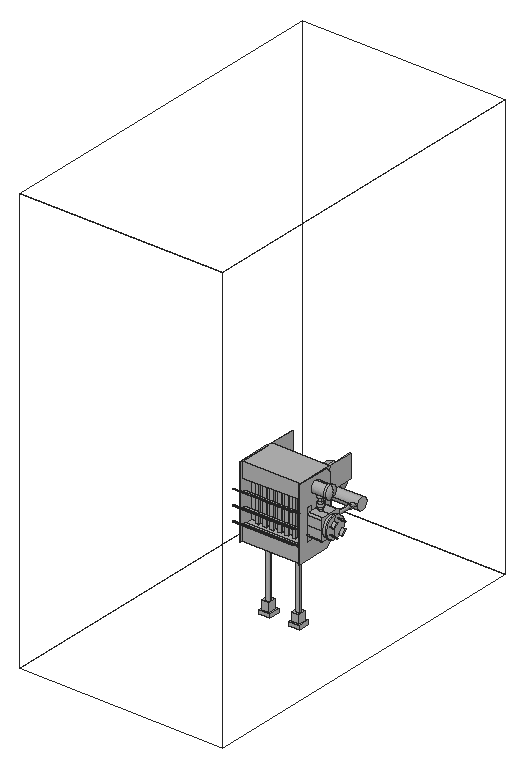
Revit family "Heater-QMARK-GUX_Series-Explosion_Proof_Unit_Gen2.txt", category Mechanical Equipment, host Face, Revit 2020 (continued)
Types (67): name | Watts | Voltage | Total Heating Capacity | Shipping Weight | Phase | Motor RPM | Motor HP | Model | MW Height | MH Height | Length | Height | Frequency | Frame Size 3 | Frame Size 2 | Fan Blade Diameter | Depth | Classification | Amps | Air Flow - Throw | Actual Supply Air Flow
  GUX-233-FB-0136G | 12500 W | 380 V | 42650.0 Btu/h | "169 lbs" | 3 | "1438 RPM" | 0.25 | "GUX-233-FB-0136G" | 0' - 7" | 1' - 3 1/16" | 1' - 9 3/4" | 1' - 11 3/8" | 50 Hz | no | yes | 1' - 4" | 1' - 8 3/16" | "114 Hz Models/Class I, Divisions 1 and 2, Groups C & D/Class II, Divisions 1 and 2, Groups E, F & G/Class I, Zones 1 and 2, Group II" | 21 A | 3' - 3" | 1500 CFM
  GUX-233-FB-0136H | 12500 W | 400 V | 42650.0 Btu/h | "169 lbs" | 3 | "1438 RPM" | 0.25 | "GUX-233-FB-0136H" | 0' - 7" | 1' - 3 1/16" | 1' - 9 3/4" | 1' - 11 3/8" | 50 Hz | no | yes | 1' - 4" | 1' - 8 3/16" | "115 Hz Models/Class I, Divisions 1 and 2, Groups C & D/Class II, Divisions 1 and 2, Groups E, F & G/Class I, Zones 1 and 2, Group II" | 19 A | 3' - 3" | 1500 CFM
  GUX-233-FB-0136I | 12500 W | 415 V | 42650.0 Btu/h | "169 lbs" | 3 | "1438 RPM" | 0.25 | "GUX-233-FB-0136I" | 0' - 7" | 1' - 3 1/16" | 1' - 9 3/4" | 1' - 11 3/8" | 50 Hz | no | yes | 1' - 4" | 1' - 8 3/16" | "116 Hz Models/Class I, Divisions 1 and 2, Groups C & D/Class II, Divisions 1 and 2, Groups E, F & G/Class I, Zones 1 and 2, Group II" | 18 A | 3' - 3" | 1500 CFM
  GUX-233-FB-0176F | 16700 W | 220 V | 56982.0 Btu/h | "169 lbs" | 3 | "1438 RPM" | 0.25 | "GUX-233-FB-0176F" | 0' - 7" | 1' - 3 1/16" | 1' - 9 3/4" | 1' - 11 3/8" | 50 Hz | no | yes | 1' - 4" | 1' - 8 3/16" | "117 Hz Models/Class I, Divisions 1 and 2, Groups C & D/Class II, Divisions 1 and 2, Groups E, F & G/Class I, Zones 1 and 2, Group II" | 46 A | 3' - 3" | 1500 CFM
  GUX-233-FB-0176G | 16700 W | 380 V | 56982.0 Btu/h | "169 lbs" | 3 | "1438 RPM" | 0.25 | "GUX-233-FB-0176G" | 0' - 7" | 1' - 3 1/16" | 1' - 9 3/4" | 1' - 11 3/8" | 50 Hz | no | yes | 1' - 4" | 1' - 8 3/16" | "118 Hz Models/Class I, Divisions 1 and 2, Groups C & D/Class II, Divisions 1 and 2, Groups E, F & G/Class I, Zones 1 and 2, Group II" | 28 A | 3' - 3" | 1500 CFM
  GUX-233-FB-0176H | 16700 W | 400 V | 56982.0 Btu/h | "169 lbs" | 3 | "1438 RPM" | 0.25 | "GUX-233-FB-0176H" | 0' - 7" | 1' - 3 1/16" | 1' - 9 3/4" | 1' - 11 3/8" | 50 Hz | no | yes | 1' - 4" | 1' - 8 3/16" | "119 Hz Models/Class I, Divisions 1 and 2, Groups C & D/Class II, Divisions 1 and 2, Groups E, F & G/Class I, Zones 1 and 2, Group II" | 25 A | 3' - 3" | 1500 CFM
  GUX-233-FB-0176I | 16700 W | 315 V | 56982.0 Btu/h | "169 lbs" | 3 | "1438 RPM" | 0.25 | "GUX-233-FB-0176I" | 0' - 7" | 1' - 3 1/16" | 1' - 9 3/4" | 1' - 11 3/8" | 50 Hz | no | yes | 1' - 4" | 1' - 8 3/16" | "120 Hz Models/Class I, Divisions 1 and 2, Groups C & D/Class II, Divisions 1 and 2, Groups E, F & G/Class I, Zones 1 and 2, Group II" | 24 A | 3' - 3" | 1500 CFM
  GUX-233-FC-0216G | 21000 W | 380 V | 71654.0 Btu/h | "216 lbs" | 3 | "1438 RPM" | 0.5 | "GUX-233-FC-0216G" | 0' - 5" | 1' - 7 1/16" | 1' - 10 3/4" | 2' - 3 3/8" | 50 Hz | yes | no | 1' - 8" | 2' - 0 3/16" | "121 Hz Models/Class I, Divisions 1 and 2, Groups C & D/Class II, Divisions 1 and 2, Groups E, F & G/Class I, Zones 1 and 2, Group II" | 33 A | 4' - 9" | 2600 CFM
  GUX-233-FC-0216H | 21000 W | 400 V | 71654.0 Btu/h | "216 lbs" | 3 | "1438 RPM" | 0.5 | "GUX-233-FC-0216H" | 0' - 5" | 1' - 7 1/16" | 1' - 10 3/4" | 2' - 3 3/8" | 50 Hz | yes | no | 1' - 8" | 2' - 0 3/16" | "122 Hz Models/Class I, Divisions 1 and 2, Groups C & D/Class II, Divisions 1 and 2, Groups E, F & G/Class I, Zones 1 and 2, Group II" | 32 A | 4' - 9" | 2600 CFM
  GUX-233-FC-0216I | 21000 W | 415 V | 71654.0 Btu/h | "216 lbs" | 3 | "1438 RPM" | 0.5 | "GUX-233-FC-0216I" | 0' - 5" | 1' - 7 1/16" | 1' - 10 3/4" | 2' - 3 3/8" | 50 Hz | yes | no | 1' - 8" | 2' - 0 3/16" | "123 Hz Models/Class I, Divisions 1 and 2, Groups C & D/Class II, Divisions 1 and 2, Groups E, F & G/Class I, Zones 1 and 2, Group II" | 31 A | 4' - 9" | 2600 CFM
  GUX-233-FC-0256G | 25000 W | 380 V | 85303.0 Btu/h | "216 lbs" | 3 | "1438 RPM" | 0.5 | "GUX-233-FC-0256G" | 0' - 5" | 1' - 7 1/16" | 1' - 10 3/4" | 2' - 3 3/8" | 50 Hz | yes | no | 1' - 8" | 2' - 0 3/16" | "124 Hz Models/Class I, Divisions 1 and 2, Groups C & D/Class II, Divisions 1 and 2, Groups E, F & G/Class I, Zones 1 and 2, Group II" | 39 A | 4' - 9" | 2600 CFM
  GUX-233-FC-0256H | 25000 W | 400 V | 85303.0 Btu/h | "216 lbs" | 3 | "1438 RPM" | 0.5 | "GUX-233-FC-0256H" | 0' - 5" | 1' - 7 1/16" | 1' - 10 3/4" | 2' - 3 3/8" | 50 Hz | yes | no | 1' - 8" | 2' - 0 3/16" | "125 Hz Models/Class I, Divisions 1 and 2, Groups C & D/Class II, Divisions 1 and 2, Groups E, F & G/Class I, Zones 1 and 2, Group II" | 37 A | 4' - 9" | 2600 CFM
  GUX-233-FC-0256I | 25000 W | 415 V | 85303.0 Btu/h | "216 lbs" | 3 | "1438 RPM" | 0.5 | "GUX-233-FC-0256I" | 0' - 5" | 1' - 7 1/16" | 1' - 10 3/4" | 2' - 3 3/8" | 50 Hz | yes | no | 1' - 8" | 2' - 0 3/16" | "126 Hz Models/Class I, Divisions 1 and 2, Groups C & D/Class II, Divisions 1 and 2, Groups E, F & G/Class I, Zones 1 and 2, Group II" | 36 A | 4' - 9" | 2600 CFM
